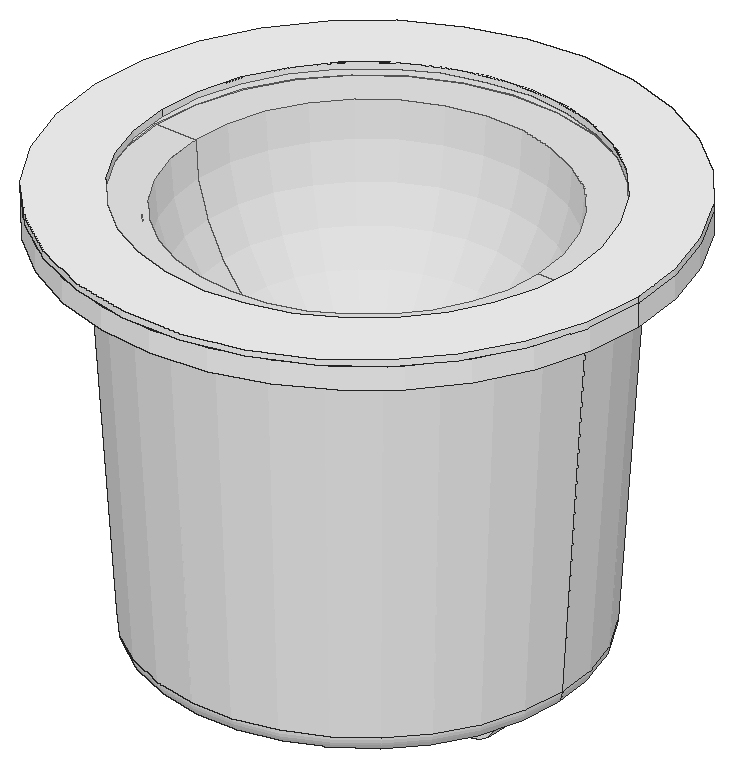
Revit family "2058935", category Lighting Fixtures, host Face, Revit 2018
Family settings
  Host = Face
  Round Connector Dimension = Use Diameter
  Part Type = Normal
  OmniClass Number = 23.80.70.11.17
  OmniClass Title = Specialized Lighting by Location or Use
  Cut with Voids When Loaded = No
  Light Source = Yes
  Shared = No
  Room Calculation Point = No
Parameters (values of type "2058935 MYRIAD DECO IP65 SP 3K DALI EM WH CBEZ")
  Weight = "n/a"
  Wattage = 15 W
  WarrantyStartDate [instance] = "n/a"
  WarrantyGuarantorParts = "n/a"
  WarrantyDurationUnit = "n/a"
  WarrantyDurationParts = ""
  WarrantyDescription = "http://www.sylvania-lighting.com"
  built-in parameter 1150110 = 1 (stored number, unit not read)
  Voltage = 230 V
  URL = "0"
  TypeName = "MYRIAD DECO IP65 SPOT 3000K DALI EM WHITE CBEZ"
  Type Image = 0
  Type Comments = ""
  built-in parameter 1114217 = 1 (stored number, unit not read)
  Tilt Angle = -90°
  built-in parameter 1150109 = 1 (stored number, unit not read)
  built-in parameter 1150134 = (empty or 0)
  built-in parameter 1150113 = 1 (stored number, unit not read)
  SerialNumber [instance] = "n/a"
  Reflector Radius = Cutout Diameter / 2 - 2.5 mm  # 35.0 mm
  Reflector Material = Aluminum_Sylvania_Myriad_Bright
  Recessed Depth = Height  # 72.0 mm
  PowerFactor = 0
  PowerConsumption = "Lighting"
  Photometric Web File = "2058935.ies"
  NominalWidth = 0.0 mm
  NominalLength = 76.0 mm
  NominalHeight = 72.0 mm
  Name = "MYRIAD DECO IP65 SPOT 3000K DALI EM WHITE CBEZ"
  ModelReference = "MYRIAD DECO IP65 SPOT 3000K DALI EM WHITE CBEZ"
  ModelNumber = "2058935"
  Material = "Feilo Sylvania"
  ManufacturerName = "92 lm/W"
  LuminousEfficacy = ""
  LuminaireType = "0"
  LightOutputRatio = "LED"
  LampsType = Lamp  # "n/a"
  LampNominalLuminous = "3000 K"
  LampMacAdamStep = "90"
  LampColourTemperature = "LED"
  LampColourRenderingIndex = "16500"
  Keynote = "n/a"
  Keynote_2 = "16500"
  InstallationDate [instance] = "n/a"
  InputVoltage = "0"
  InputNominalFrequency = "3000"
  IngressProtection = "IfcLightFixtureType"
  ImpactProtectionIndex = "IfcLightFixtureType"
  IfcExportType = "IfcLightFixtureType"
  IfcExportAs = "Class II"
  Height = 72.0 mm  # constant formula
  ExpectedLife = 50000
  Emit from Circle Diameter = Accessory Inner Diameter 2  # 68.0 mm
  Emit Shape Visible in Rendering = no
  ElectricShockClassification = "92"
  DurationUnit = "hours"
  DocumentationLiterature = "http://www.sylvania-lighting.com/product/en-int/products/2058935"
  DimmingControlOptions = "n/a"
  Diffuser Material = Glass_Sylvania_Myriad_Clear_4000K
  Diffuser Diameter = Cutout Diameter  # 75.0 mm
  Cutout Diameter = 75.0 mm  # constant formula
  CreatedOn = "03/02/2022"
  CreatedBy = "@sylvania-lighting.com"
  built-in parameter 1001205 = 0
  Cost = 0
  built-in parameter 1114216 [instance] = 1 (stored number, unit not read)
  Model = "MYRIAD DECO IP65 SPOT 3000K DALI EM WHITE CBEZ"
  Manufacturer = "Feilo Sylvania"  # constant formula
  built-in parameter 1150105 = 83.556 (stored number, unit not read)
  Lumens = 1050 lm
  built-in parameter 1150115 = 1 (stored number, unit not read)
  built-in parameter 1150137 = (empty or 0)
  built-in parameter 1150139 = (empty or 0)
  built-in parameter 1150112 = 1 (stored number, unit not read)
  built-in parameter 1150114 = 1 (stored number, unit not read)
  Lamp = "n/a"
  built-in parameter 1150132 = (empty or 0)
  built-in parameter 1150102 = (empty or 0)
  built-in parameter 1150107 = 2700 (stored number, unit not read)
  built-in parameter 1150138 = (empty or 0)
  built-in parameter 1150106 = 0.83556 (stored number, unit not read)
  built-in parameter 1150104 = 6.5032 (stored number, unit not read)
  Dimming Lamp Color Temperature Shift = <None>
  Description = "Supplied complete with electronic control gear Compact Fluorescent low energy downlight Emergency version passes through the cut out Ideal for low level orientation lighting New range of Architectural accessories each providing a different lit dimension New completely flush plaster up accessory ring for clean ceiling lines and smooth finish Order lamp separately"  # constant formula
  Default Elevation = 0.0 mm
  Color Filter = 16777215
  built-in parameter 1140040 [instance] = 1
  Body Radius = Reflector Radius + 1.5 mm  # 36.5 mm
  Body Material = Aluminum_Sylvania_Myriad_Gray
  BarCode [instance] = "n/a"
  built-in parameter 1114218 = 1 (stored number, unit not read)
  built-in parameter 1150133 = 10 (stored number, unit not read)
  AssetType = "Fixed"
  AssetIdentifier [instance] = "n/a"
  Assembly Code = "D5020200"
  Apparent Load = 12 VA
  Accessory Material = Aluminum_Sylvania_Myriad_White
  Accessory Inner Diameter 2 = Accessory Diameter - 22.0 mm  # 68.0 mm
  Accessory Inner Diameter 1 = Accessory Diameter - 2.0 mm  # 88.0 mm
  Accessory Diameter = Cutout Diameter + 15.0 mm  # 90.0 mm
Reference planes
  plane 1 "Center (Front/Back)": y = 0
  plane 2: z = 0
  plane 3 "Center (Left/Right)": x = 0
  plane 4: z = 2
  plane 5 "Fixture Bottom": z = 4.5
  plane 6: z = -28.5
  plane 7: z = -61.5
  plane 8 "Fixture Top": z = -67.5
  plane 9: z = 3.5
Forms (mm)
  Revolve 1, solid, material "Aluminum_Sylvania_Myriad_Bright" <- "Reflector Material", detail levels fine
    sketch origin (0, 0, 0) x (1, 0, 0) y (0, 0, 1)
      loop
        line (0, -27.515) -> (-6, -27.515)
        arc (-6, -27.515) -> (-22.333, -16.632) -> (-28.5, 2) r 30.135
        line (-28.5, 2) -> (-35, 2) -> (-35, 0) -> (-29.184, 0)
        arc (-29.184, 0) -> (-22.423, -18.18) -> (-6, -28.5) r 30.204
        line (-6, -28.5) -> (0, -28.5) -> (0, -27.515)
      axis (0, -28.5) -> (0, 2)
    angle from 0 to 360
  Revolve 2, solid, material "Aluminum_Sylvania_Myriad_Gray" <- "Body Material", detail levels fine
    sketch origin (0, 0, 0) x (1, 0, 0) y (0, 0, 1)
      loop
        line (-44, 2) -> (-44, 0) -> (-36.5, 0) -> (-32.42, -58.708)
        arc (-32.42, -58.708) -> (-31.474, -60.694) -> (-29.428, -61.5) r 3
        line (-29.428, -61.5) -> (0, -61.5) -> (0, -28.5) -> (-6, -28.5)
        arc (-6, -28.5) -> (-22.423, -18.18) -> (-29.184, 0) r 30.204
        line (-29.184, 0) -> (-35, 0) -> (-35, 2) -> (-44, 2)
      axis (0, 2) -> (0, -61.5)
    angle from 0 to 360
  Extrusion 3, solid, material "Aluminum_Sylvania_Myriad_Gray" <- "Body Material", detail levels fine
    sketch origin (0, 0, 0) x (1, 0, 0) y (0, 0, 1)
      loop
        line (-13.5, -67.5) -> (21, -67.5)
        arc (21, -67.5) -> (23.828, -66.328) -> (25, -63.5) r 4
        line (25, -63.5) -> (25, -61.5) -> (-17.5, -61.5) -> (-17.5, -63.5)
        arc (-17.5, -63.5) -> (-16.328, -66.328) -> (-13.5, -67.5) r 4
    from -4.5 to 4.5
  Extrusion 4, solid, material "Aluminum_Sylvania_Myriad_White" <- "Accessory Material", detail levels fine
    sketch origin (0, 0, 0) x (1, 0, 0) y (0, 1, 0)
      loop
        circle (0, 0) r 45
      loop
        circle (0, 0) r 44
    from 0 to 3.5
  Extrusion 5, solid, material "Aluminum_Sylvania_Myriad_White" <- "Accessory Material", detail levels fine
    sketch origin (0, 0, 0) x (1, 0, 0) y (0, 1, 0)
      loop
        circle (0, 0) r 45
      loop
        circle (0, 0) r 34
    from 3.5 to 4.5
  Extrusion 6, solid, material "Aluminum_Sylvania_Myriad_White" <- "Accessory Material", detail levels coarse+medium
    sketch origin (0, 0, 0) x (1, 0, 0) y (0, 1, 0)
      loop
        circle (0, 0) r 45
    from 0 to 4.5
  Revolve 7, solid, detail levels coarse+medium
    sketch origin (0, 0, 0) x (1, 0, 0) y (0, 0, 1)
      loop
        line (36.5, 0) -> (0, 0) -> (0, -61.5) -> (32.226, -61.5) -> (36.5, 0)
      axis (0, 0) -> (0, -61.5)
    angle from 0 to 360
  Extrusion 8, void
    sketch origin (0, 0, 0) x (1, 0, 0) y (0, 1, 0)
      loop
        circle (0, 0) r 37.5
    from -67.5 to 0
  Extrusion 9, solid, material "Glass_Sylvania_Myriad_Clear_4000K" <- "Diffuser Material", detail levels fine
    sketch origin (0, 0, 0) x (1, 0, 0) y (0, 1, 0)
      loop
        circle (0, 0) r 37.5
    from 2 to 3.5
Cuts and joins
  joined: Extrusion 4, Extrusion 5
Lines and regions (mm)
  Masking region 1
    outline origin (0, 0, 0) x (1, 0, 0) y (0, 1, 0)
      loop
        circle (0, 0) r 45
  symbolic lines
    curve 1: arc (-34, 0, 0) -> (0, 34, 0) -> (34, 0, 0) r 34
    curve 2: arc (34, 0, 0) -> (0, -34, 0) -> (-34, 0, 0) r 34
Dimensions and locks
  locked: plane 7 to plane 8 "Fixture Top" at 6
  "Body Radius": Revolve 7 sketch curve to plane 3 "Center (Left/Right)"
  locked: Revolve 7 sketch curve to Revolve 7 sketch curve at 4.274
  plane 5 "Fixture Bottom" to plane 9 to plane 4 to plane 2 to plane 6 = 1.0 mm locked, 1.5 mm locked, 2.0 mm locked, 28.5 mm locked
  "Reflector Radius": Revolve 1 sketch curve to plane 3 "Center (Left/Right)"
  Revolve 1 sketch curve to Revolve 1 sketch curve to Revolve 1 sketch curve to Revolve 1 sketch curve = 6.5 mm locked, 22.5 mm locked, 0.0 mm locked
  "Reflector Radius": plane 3 "Center (Left/Right)" to Revolve 2 sketch curve
  Revolve 2 sketch curve to Revolve 2 sketch curve to Revolve 2 sketch curve = 7.5 mm locked, 1.5 mm locked
  Revolve 2 sketch curve to Revolve 2 sketch curve to Revolve 2 sketch curve = 5.816 mm locked, 23.184 mm locked
  Revolve 2 sketch curve to Revolve 2 sketch curve to Revolve 2 sketch curve = 2.58 mm locked, 2.993 mm locked
  "Accessory Diameter": diameter of Extrusion 4 sketch curve
  "Accessory Inner Diameter 1": diameter of Extrusion 4 sketch curve
  "Accessory Diameter": diameter of Extrusion 5 sketch curve
  "Accessory Diameter": diameter of Extrusion 6 sketch curve
  "Cutout Diameter": diameter of Extrusion 8 sketch curve
  "Accessory Inner Diameter 2": diameter of Extrusion 5 sketch curve
  "Diffuser Diameter": diameter of Extrusion 9 sketch curve
  aligned and locked: plane 2 to host face
  aligned and locked: level to host face
  aligned and locked: plane 1 "Center (Front/Back)" to imposter light
  aligned and locked: plane 3 "Center (Left/Right)" to imposter light
  aligned and locked: Revolve 1 sketch curve to imposter light
  aligned and locked: Extrusion 3 sketch curve to plane 8 "Fixture Top"
  aligned and locked: plane 7 to Extrusion 3 sketch curve
  aligned and locked: Extrusion 4 to plane 2
  aligned and locked: plane 9 to Extrusion 4
  aligned and locked: Extrusion 5 to plane 9
  aligned and locked: plane 5 "Fixture Bottom" to Extrusion 5
  aligned and locked: Extrusion 6 to plane 2
  aligned and locked: plane 5 "Fixture Bottom" to Extrusion 6
  aligned and locked: Extrusion 8 to plane 8 "Fixture Top"
  aligned and locked: plane 2 to Extrusion 8
  aligned and locked: Masking region 1 sketch curve to Extrusion 6  (x2)
  aligned and locked: Extrusion 9 to plane 4
  aligned and locked: plane 9 to Extrusion 9
  aligned and locked: plane 4 to Revolve 2 sketch curve
  aligned and locked: Revolve 2 sketch curve to plane 2
  aligned and locked: curve 1 to cut or joined group of Extrusion 4, Extrusion 5
  aligned and locked: curve 2 to cut or joined group of Extrusion 4, Extrusion 5
  aligned and locked: imposter light to plane 5 "Fixture Bottom"
Automatic sketch dimensions
  host sketch curve to host sketch curve = 1305.563 mm
  host sketch curve to host sketch curve = 1283.632 mm
  Extrusion 3 sketch curve to plane 7 = 2.0 mm
  Extrusion 3 sketch curve to plane 3 "Center (Left/Right)" = 13.5 mm
  plane 3 "Center (Left/Right)" to Extrusion 3 sketch curve = 21.0 mm
  Extrusion 3 sketch curve to Extrusion 3 sketch curve = 4.0 mm
  Revolve 1 sketch curve to level = 0.0 mm
  Revolve 1 sketch curve to plane 3 "Center (Left/Right)" = 0.0 mm
  Revolve 1 sketch curve to plane 6 = 0.0 mm
  Revolve 1 sketch curve to plane 4 = 0.0 mm
  Revolve 1 sketch curve to Revolve 1 sketch curve = 0.684 mm
  level to Revolve 1 sketch curve = 0.88 mm
  Revolve 1 sketch curve to plane 4 = 0.363 mm
  Revolve 1 sketch curve to Revolve 1 sketch curve = 0.625 mm
  Revolve 1 sketch curve to plane 8 "Fixture Top" = 232.8 mm
  plane 5 "Fixture Bottom" to Revolve 1 sketch curve = 291.243 mm
  Revolve 2 sketch curve to plane 3 "Center (Left/Right)" = 0.0 mm  (x2)
  Revolve 2 sketch curve to plane 7 = 0.0 mm
  Revolve 2 sketch curve to plane 6 = 0.0 mm
  Revolve 2 sketch curve to level = 0.0 mm
  level to Revolve 2 sketch curve = 0.88 mm
  plane 7 to Revolve 2 sketch curve = 2.792 mm
  Revolve 2 sketch curve to plane 8 "Fixture Top" = 304.774 mm
  plane 5 "Fixture Bottom" to Revolve 2 sketch curve = 1137.105 mm
  Extrusion 4 sketch curve to Extrusion 4 sketch curve = 0.0 mm  (x2)
  plane 1 "Center (Front/Back)" to Extrusion 4 sketch curve = 0.0 mm
  Extrusion 4 sketch curve to plane 3 "Center (Left/Right)" = 0.0 mm
  Extrusion 5 sketch curve to Extrusion 5 sketch curve = 0.0 mm  (x2)
  plane 1 "Center (Front/Back)" to Extrusion 5 sketch curve = 0.0 mm
  Extrusion 5 sketch curve to plane 3 "Center (Left/Right)" = 0.0 mm
  plane 1 "Center (Front/Back)" to Extrusion 6 sketch curve = 0.0 mm
  Extrusion 6 sketch curve to plane 3 "Center (Left/Right)" = 0.0 mm
  Revolve 7 sketch curve to level = 0.0 mm
  Revolve 7 sketch curve to plane 3 "Center (Left/Right)" = 0.0 mm  (x2)
  Revolve 7 sketch curve to plane 7 = 0.0 mm
  Revolve 7 sketch curve to plane 8 "Fixture Top" = 304.774 mm
  plane 5 "Fixture Bottom" to Revolve 7 sketch curve = 43.226 mm
  plane 1 "Center (Front/Back)" to Extrusion 8 sketch curve = 0.0 mm
  Extrusion 8 sketch curve to plane 3 "Center (Left/Right)" = 0.0 mm
  plane 1 "Center (Front/Back)" to Extrusion 9 sketch curve = 0.0 mm
  Extrusion 9 sketch curve to plane 3 "Center (Left/Right)" = 0.0 mm
Connectors
  electrical at (-0.006, -0.019, -67.5), driven by "Apparent Load", driven by "Apparent Load"
    settings: on plane 8 "Fixture Top", index 1, voltage 230 V, apparent load 12 VA, apparent load phase1 12 VA, apparent load phase2 0 VA, apparent load phase3 0 VA, power factor 1, load classification "Lighting", number of poles 1, system type 30, power factor state 1, is connector primary yes, connector utility no, sub classification motor no, connector description ""
